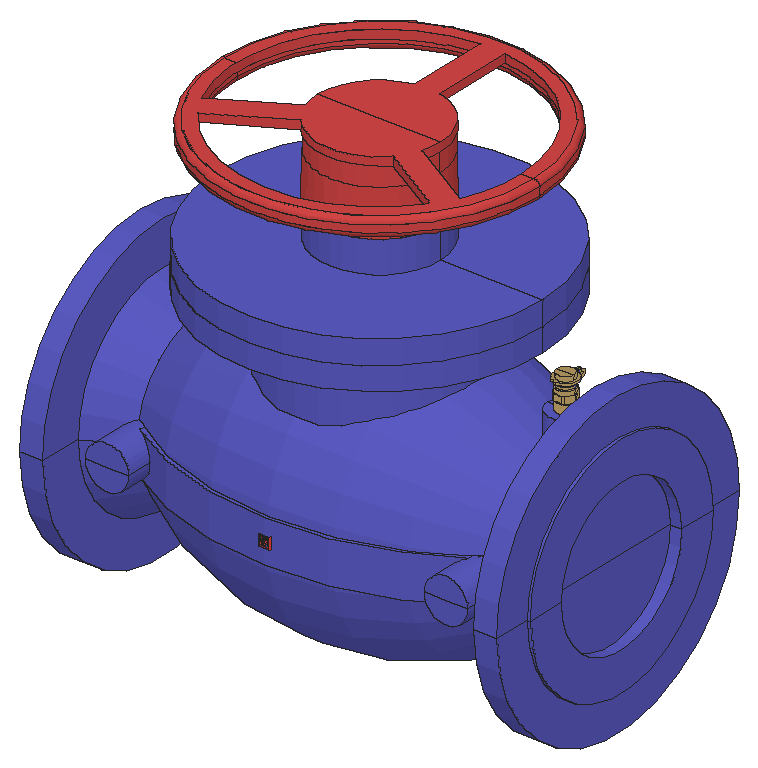
Revit family "HERZ Strömax Commissioning Valve With Test points, Straight Body 4218 GF", category Rohrzubehör, Revit 2020
Family settings
  Bemaßung runder Anschluss = Durchmesser verwenden
  Teiletyp = Unterbricht
  OmniClass-Nummer = 23.65.55.14
  OmniClass-Titel = Valves for Liquid Services
  Arbeitsebenenbasiert = Nein
  Immer vertikal = Ja
  Beim Laden mit Abzugskörper schneiden = Nein
  Gemeinsam genutzt = Nein
Parameters
  kvs-value [instance] = if(Nennweite = 50.00 mm, 34.96, if(Nennweite = 65.00 mm, 66.94, if(Nennweite = 80.00 mm, 106.78, if(Nennweite = 100.00 mm, 169.45, if(Nennweite = 125.00 mm, 255.79, if(Nennweite = 150.00 mm, 389.54, if(Nennweite = 200.00 mm, 676.33, if(Nennweite = 250.00 mm, 1082.72, if(Nennweite = 300.00 mm, 1784.91, 0)))))))))  # 255.79
  Vorgabe-Ansicht = 0.00 mm
  Counting device = "plastic"  # constant formula
  W02 = 60.00°  # constant formula
  W01 = 85.00°  # constant formula
  Valve cone = "gray cast iron GJL 250 according to EN 1561/ EPDM coated"  # constant formula
  S01 [instance] = Nennweite + 10.00 mm  # 135.00 mm
  Regulation spindle = "brass / stainless steel"  # constant formula
  Part number [instance] = size_lookup("4218_GF_", "Artnr", 0, Nennweite)  # 1421884
  Upper part = "gray cast iron GJL 250 according to EN 1561"  # constant formula
  Spindle (up to DN100) = "brass"  # constant formula
  O-Ring = "EPDM"  # constant formula
  URL = "www.herzvalves.com"
  SCRNSEQ = "ARM;ARM_TYP=\"STRV\";2"
  SCRNCODE = "05;07;02"  # constant formula
  R02 [instance] = size_lookup("4218_GF_", "R2", 1.00 mm, Nennweite)  # 15.00 mm
  R01 [instance] = size_lookup("4218_GF_", "R1", 1.00 mm, Nennweite)  # 18.00 mm
  Spindle (from DN125) = "stainless steel"  # constant formula
  Nennweite [instance] = 125.00 mm
  Model = "The STRÖMAX GF with test points DN 50 - 300:\r\nBody of grey cast iron GJL 250 according to EN 1561, flange according to EN 1092, PN 16;\r\nlength according to ÖNORM EN-558-1, basic series 1; painted blue.\r\nThermostatic upper part of grey cast iron GJL 250.\r\nDigital display of the pre-setting levels.\r\nNon-rising spindle with triple O-ring seal."
  Min. operating temperature = -10 °C  # constant formula
  Medium = "Water purity in accordance with the ÖNORM H 5195 and VDI 2035 standards.\r\nEthylene and propylene glycol can be used in a ratio of 25-50 vol. [%] are mixed."
  Max. operating temperature = 110 °C  # constant formula
  Max. operating pressure = 1600000.0 Pa  # constant formula
  L04 [instance] = size_lookup("4218_GF_", "L4", 1.00 mm, Nennweite)  # 154.00 mm
  L03 [instance] = if(Nennweite = 50.00 mm, 48.00 mm, if(Nennweite = 65.00 mm, 52.00 mm, if(Nennweite = 80.00 mm, 60.00 mm, if(Nennweite = 100.00 mm, 75.00 mm, 15.00 mm))))  # 15.00 mm
  L02 [instance] = size_lookup("4218_GF_", "L2", 1.00 mm, Nennweite)  # 140.00 mm
  L01 [instance] = size_lookup("4218_GF_", "L1", 1.00 mm, Nennweite)  # 145.00 mm
  L00 [instance] = size_lookup("4218_GF_", "L", 1.00 mm, Nennweite)  # 400.00 mm
  Hersteller = "HERZ Armaturen Ges.m.b.H."  # constant formula
  H09 [instance] = H08 + H02  # 200.00 mm
  H08 [instance] = size_lookup("4218_GF_", "H8", 1.00 mm, Nennweite)  # 46.00 mm
  H07 [instance] = H02 + H06  # 174.00 mm
  H06 [instance] = size_lookup("4218_GF_", "H6", 1.00 mm, Nennweite)  # 20.00 mm
  H05 [instance] = size_lookup("4218_GF_", "H5", 1.00 mm, Nennweite)  # 100.00 mm
  H04 [instance] = H02 - H03  # 135.00 mm
  H03 [instance] = size_lookup("4218_GF_", "H3", 1.00 mm, Nennweite)  # 19.00 mm
  H02 [instance] = size_lookup("4218_GF_", "H2", 1.00 mm, Nennweite)  # 154.00 mm
  H01 [instance] = size_lookup("4218_GF_", "H1", 1.00 mm, Nennweite)  # 106.00 mm
  GT = 10.00 mm  # constant formula
  Field of application = "For hydraulic balancing in heating or cooling systems, regulating and shutting off distribution circuits, heat exchangers, heating and cooling terminals."
  FLL02 [instance] = size_lookup("4218_GF_", "FLL2", 1.00 mm, Nennweite)  # 19.00 mm
  FLL01 [instance] = size_lookup("4218_GF_", "FLL1", 1.00 mm, Nennweite)  # 3.00 mm
  FLD03 [instance] = size_lookup("4218_GF_", "FLD3", 1.00 mm, Nennweite)  # 69.90 mm
  FLD02 [instance] = size_lookup("4218_GF_", "FLD2", 1.00 mm, Nennweite)  # 89.00 mm
  FLD01 [instance] = size_lookup("4218_GF_", "FLD1", 1.00 mm, Nennweite)  # 94.00 mm
  FLD00 [instance] = size_lookup("4218_GF_", "FLD", 1.00 mm, Nennweite)  # 125.00 mm
  Differential pressure measurement = "The Strömax GF double regulating and commissioning valve is equipped with two test points:\r\nIf a suitable measuring device is used, the differential pressure can be measured and the respective flow rate can be determined depending on the setting level.\r\nThe respective flow rate can also be read directly on the HERZ measuring computers (see device manual).\r\nWhen using antifreeze, the density of the medium changes, which must be taken into account when measuring differential pressure."
  DN80-DN100 [instance] = or(Nennweite = 80.00 mm, Nennweite = 100.00 mm)  # no
  DN80 [instance] = Nennweite = 80.00 mm  # no
  DN65 [instance] = Nennweite = 65.00 mm  # no
  DN50-DN65 [instance] = or(Nennweite = 50.00 mm, Nennweite = 65.00 mm)  # no
  DN50-DN100 [instance] = or(Nennweite = 50.00 mm, Nennweite = 65.00 mm, Nennweite = 80.00 mm, Nennweite = 100.00 mm)  # no
  DN50 [instance] = Nennweite = 50.00 mm  # no
  DN300 [instance] = Nennweite = 300.00 mm  # no
  DN250 [instance] = Nennweite = 250.00 mm  # no
  DN200-DN300 [instance] = or(Nennweite = 200.00 mm, Nennweite = 250.00 mm, Nennweite = 300.00 mm)  # no
  DN200 [instance] = Nennweite = 200.00 mm  # no
  DN150 [instance] = Nennweite = 150.00 mm  # no
  DN125-DN300 [instance] = or(Nennweite = 125.00 mm, Nennweite = 150.00 mm, Nennweite = 200.00 mm, Nennweite = 250.00 mm, Nennweite = 300.00 mm)  # yes
  DN125-DN150 [instance] = or(Nennweite = 125.00 mm, Nennweite = 150.00 mm)  # yes
  DN125 [instance] = Nennweite = 125.00 mm  # yes
  DN100 [instance] = Nennweite = 100.00 mm  # no
  D03 [instance] = size_lookup("4218_GF_", "D3", 1.00 mm, Nennweite)  # 50.50 mm
  D02 [instance] = size_lookup("4218_GF_", "D2", 1.00 mm, Nennweite)  # 135.00 mm
  D01 [instance] = size_lookup("4218_GF_", "D1", 1.00 mm, Nennweite)  # 86.00 mm
  D00 [instance] = size_lookup("4218_GF_", "D", 1.00 mm, Nennweite)  # 117.00 mm
  Body = "gray cast iron GJL 250 according to EN 1561"  # constant formula
  BH02 [instance] = -BH01  # -17.50 mm
  BH01 [instance] = size_lookup("4218_GF_", "BH1", 1.00 mm, Nennweite)  # 17.50 mm
  Anschluss [instance] = Nennweite / 2  # 62.50 mm
Reference planes
  plane 1 "Mitte (Vorne/hinten)": y = 0
  plane 2: z = 0
  plane 3 "Mitte (Links/rechts)": x = 0
Forms (mm)
  Revolve 1, solid, material "Herz-Marineblau", detail levels fine
    sketch origin (1058.943, 0, 0) x (1, 0, 0) y (0, 1, 0)
      loop
        line (-1255.943, 125) -> (-1255.943, 94) -> (-1258.943, 94) -> (-1258.943, 62.5) -> (-1248.943, 62.5) -> (-1248.943, 0) -> (-868.943, 0) -> (-868.943, 62.5) -> (-858.943, 62.5) -> (-858.943, 94) -> (-861.943, 94) -> (-861.943, 125) -> (-880.943, 125) -> (-880.943, 89) -> (-913.943, 69.9)
        arc (-913.943, 69.9) -> (-1058.943, 117) -> (-1203.943, 69.9) r 246.745
        line (-1203.943, 69.9) -> (-1236.943, 89) -> (-1236.943, 125) -> (-1255.943, 125)
      axis (-1258.943, 0) -> (-858.943, 0)
    angle from 0 to 360
  Revolve 2, solid, material "Herz-Marineblau", detail levels fine
    sketch origin (0, 0, 0) x (1, 0, 0) y (0, 1, 0)
      loop
        line (-140, 106) -> (-158, 106) -> (-158, -106) -> (-140, -106) -> (-140, 106)
      axis (-140, 106) -> (-140, -106)
    angle from 0 to 360
  Revolve 3, solid, material "Herz-Marineblau", detail levels fine
    sketch origin (0, 0, 0) x (-1, 0, 0) y (0, 1, 0)
      loop
        line (-140, 106) -> (-158, 106) -> (-158, -106) -> (-140, -106) -> (-140, 106)
      axis (-140, 106) -> (-140, -106)
    angle from 0 to 360
  Revolve 4, solid, material "Herz-Marineblau", visible <- "DN125-DN300", detail levels fine
    sketch origin (0, 0, 0) x (1, 0, 0) y (0, 0, 1)
      loop
        line (0, 0) -> (0, 154) -> (-135, 154) -> (-135, 135) -> (-86, 135) -> (-86, 0) -> (0, 0)
      axis (0, 154) -> (0, 0)
    angle from 0 to 360
  Revolve 5, solid, material "Herz-Marineblau", visible <- "DN50-DN100", detail levels fine
    sketch origin (0, 0, 0) x (1, 0, 0) y (0, 0, 1)
      loop
        line (0, 0) -> (0, 135) -> (-86, 135) -> (-86, 0) -> (0, 0)
      axis (0, 135) -> (0, 0)
    angle from 0 to 360
  Extrusion 6, solid, material "Herz-Marineblau", visible <- "DN50-DN100", detail levels fine
    sketch origin (0, 0, 0) x (1, 0, 0) y (0, 1, 0)
      loop
        line (0, 135) -> (-15, 133.688) -> (-133.688, 15) -> (-135, 0) -> (-133.688, -15) -> (-15, -133.688) -> (0, -135) -> (15, -133.688) -> (133.688, -15) -> (135, 0) -> (133.688, 15) -> (15, 133.688) -> (0, 135)
    from 135 <- "H04" to 154 <- "H02"
  Revolve 7, solid, material "Herz-Marineblau", detail levels fine
    sketch origin (0, 0, 0) x (1, 0, 0) y (0, 0, 1)
      loop
        line (-154, 0) -> (-154, 100) -> (-169, 100) -> (-169, 0) -> (-154, 0)
      axis (-154, 100) -> (-154, 0)
    angle from 0 to 360
  Revolve 8, solid, material "Herz-Marineblau", detail levels fine
    sketch origin (0, 0, 0) x (-1, 0, 0) y (0, 0, 1)
      loop
        line (-154, 0) -> (-154, 100) -> (-169, 100) -> (-169, 0) -> (-154, 0)
      axis (-154, 100) -> (-154, 0)
    angle from 0 to 360
  Extrusion 9, solid, material "Herz-Marineblau", visible <- "DN50", detail levels fine
    sketch origin (0, 0, 0) x (1, 0, 0) y (0, 1, 0)
      loop
        line (-75, 27.444) -> (-75, -27.444)
        arc (-75, -27.444) -> (0, -55) -> (75, -27.444) r 115.842
        line (75, -27.444) -> (75, 27.444)
        arc (75, 27.444) -> (0, 55) -> (-75, 27.444) r 115.842
    from -17.5 <- "BH02" to 17.5 <- "BH01"
  Extrusion 10, solid, material "Herz-Marineblau", visible <- "DN65", detail levels fine
    sketch origin (0, 0, 0) x (1, 0, 0) y (0, 1, 0)
      loop
        arc (-89, -45.667) -> (0, -68.022) -> (89, -45.667) r 188.34
        line (89, -45.667) -> (89, 45.667)
        arc (89, 45.667) -> (0, 68.022) -> (-89, 45.667) r 188.34
        line (-89, 45.667) -> (-89, -45.667)
    from -17.5 <- "BH02" to 17.5 <- "BH01"
  Extrusion 11, solid, material "Herz-Marineblau", visible <- "DN80", detail levels fine
    sketch origin (0, 0, 0) x (1, 0, 0) y (0, 1, 0)
      loop
        arc (-100, -48.604) -> (0, -75.01) -> (100, -48.604) r 202.557
        line (100, -48.604) -> (100, 48.604)
        arc (100, 48.604) -> (0, 75.01) -> (-100, 48.604) r 202.557
        line (-100, 48.604) -> (-100, -48.604)
    from -17.5 <- "BH02" to 17.5 <- "BH01"
  Extrusion 12, solid, material "Herz-Marineblau", visible <- "DN100", detail levels fine
    sketch origin (0, 0, 0) x (1, 0, 0) y (0, 1, 0)
      loop
        arc (-118, -60.889) -> (0, -83.721) -> (118, -60.889) r 316.34
        line (118, -60.889) -> (118, 60.889)
        arc (118, 60.889) -> (0, 83.721) -> (-118, 60.889) r 316.34
        line (-118, 60.889) -> (-118, -60.889)
    from -17.5 <- "BH02" to 17.5 <- "BH01"
  Extrusion 13, solid, material "Herz-Marineblau", visible <- "DN125", detail levels fine
    sketch origin (0, 0, 0) x (1, 0, 0) y (0, 1, 0)
      loop
        arc (-140, -75.261) -> (0, -118.541) -> (140, -75.261) r 248.073
        line (140, -75.261) -> (140, 75.261)
        arc (140, 75.261) -> (0, 118.541) -> (-140, 75.261) r 248.073
        line (-140, 75.261) -> (-140, -75.261)
    from -17.5 <- "BH02" to 17.5 <- "BH01"
  Extrusion 14, solid, material "Herz-Marineblau", visible <- "DN150", detail levels fine
    sketch origin (0, 0, 0) x (1, 0, 0) y (0, 1, 0)
      loop
        arc (-170, -94.727) -> (0, -138.5) -> (170, -94.727) r 352.003
        line (170, -94.727) -> (170, 94.727)
        arc (170, 94.727) -> (0, 138.5) -> (-170, 94.727) r 352.003
        line (-170, 94.727) -> (-170, -94.727)
    from -17.5 <- "BH02" to 17.5 <- "BH01"
  Extrusion 15, solid, material "Herz-Marineblau", visible <- "DN200", detail levels fine
    sketch origin (0, 0, 0) x (1, 0, 0) y (0, 1, 0)
      loop
        arc (-200, -127.319) -> (0, -163.032) -> (200, -127.319) r 577.879
        line (200, -127.319) -> (200, 127.319)
        arc (200, 127.319) -> (0, 163.032) -> (-200, 127.319) r 577.879
        line (-200, 127.319) -> (-200, -127.319)
    from -17.5 <- "BH02" to 17.5 <- "BH01"
  Extrusion 16, solid, material "Herz-Marineblau", visible <- "DN250", detail levels fine
    sketch origin (0, 0, 0) x (1, 0, 0) y (0, 1, 0)
      loop
        arc (-250, -153.89) -> (0, -191.531) -> (250, -153.89) r 849.033
        line (250, -153.89) -> (250, 153.89)
        arc (250, 153.89) -> (0, 191.531) -> (-250, 153.89) r 849.033
        line (-250, 153.89) -> (-250, -153.89)
    from -17.5 <- "BH02" to 17.5 <- "BH01"
  Extrusion 17, solid, material "Herz-Marineblau", visible <- "DN300", detail levels fine
    sketch origin (0, 0, 0) x (1, 0, 0) y (0, 1, 0)
      loop
        arc (-300, -192.377) -> (0, -268.099) -> (300, -192.377) r 632.133
        line (300, -192.377) -> (300, 192.377)
        arc (300, 192.377) -> (0, 268.099) -> (-300, 192.377) r 632.133
        line (-300, 192.377) -> (-300, -192.377)
    from -17.5 <- "BH02" to 17.5 <- "BH01"
  Extrusion 18, solid, material "Herz-Marineblau", visible <- "DN50-DN100", detail levels fine
    sketch origin (0, 0, 0) x (1, 0, 0) y (0, 1, 0)
      loop
        line (0, 135) -> (-15, 133.688) -> (-133.688, 15) -> (-135, 0) -> (-133.688, -15) -> (-15, -133.688) -> (0, -135) -> (15, -133.688) -> (133.688, -15) -> (135, 0) -> (133.688, 15) -> (15, 133.688) -> (0, 135)
    from 154 <- "H02" to 174 <- "H07"
  Revolve 19, solid, material "Herz-Marineblau", visible <- "DN125-DN300", detail levels fine
    sketch origin (0, 0, 0) x (1, 0, 0) y (0, 0, 1)
      loop
        line (0, 154) -> (0, 200) -> (-50.5, 200) -> (-50.5, 174) -> (-135, 174) -> (-135, 154) -> (0, 154)
      axis (0, 200) -> (0, 154)
    angle from 0 to 360
  Revolve 20, solid, material "Herz-Marineblau", visible <- "DN50-DN100", detail levels fine
    sketch origin (0, 0, 0) x (1, 0, 0) y (0, 0, 1)
      loop
        line (0, 174) -> (0, 200) -> (-50.5, 200) -> (-50.5, 174) -> (0, 174)
      axis (0, 200) -> (0, 174)
    angle from 0 to 360
Lines and regions (mm)
  model lines, detail levels coarse+medium
    curve 1: line (-200, 0, 125) -> (-200, 0, -125)
    curve 2: line (-200, 0, -125) -> (200, 0, 125)
    curve 3: line (200, 0, 125) -> (200, 0, -125)
    curve 4: line (200, 0, -125) -> (-200, 0, 125)
    curve 5: line (0, 0, 0) -> (115.47, 0, 200)
    curve 6: line (57.013, 0, 233.75) -> (173.927, 0, 166.25)
    curve 7: line (-200, 125, 0) -> (-200, -125, 0)
    curve 8: line (-200, -125, 0) -> (200, 125, 0)
    curve 9: line (200, 125, 0) -> (200, -125, 0)
    curve 10: line (200, -125, 0) -> (-200, 125, 0)
    curve 11: line (0, 0, 0) -> (115.47, 200, 0)
    curve 12: line (57.013, 233.75, 0) -> (173.927, 166.25, 0)
Dimensions and locks
  "FLD00": plane 1 "Mitte (Vorne/hinten)" to Revolve 1 sketch curve
  "FLD01": plane 1 "Mitte (Vorne/hinten)" to Revolve 1 sketch curve
  "FLD02": plane 1 "Mitte (Vorne/hinten)" to Revolve 1 sketch curve  (x2)
  "FLD03": plane 1 "Mitte (Vorne/hinten)" to Revolve 1 sketch curve  (x2)
  "GT": Revolve 1 sketch curve to Revolve 1 sketch curve  (x2)
  "FLL01": Revolve 1 sketch curve to Revolve 1 sketch curve  (x2)
  "FLL02": Revolve 1 sketch curve to Revolve 1 sketch curve  (x2)
  equal spacing: Revolve 1 sketch curve, plane 3 "Mitte (Links/rechts)", Revolve 1 sketch curve
  "Anschluss": Revolve 1 sketch curve to plane 1 "Mitte (Vorne/hinten)"
  "Anschluss": plane 1 "Mitte (Vorne/hinten)" to Revolve 1 sketch curve
  "FLD01": Revolve 1 sketch curve to plane 1 "Mitte (Vorne/hinten)"
  "FLD00": Revolve 1 sketch curve to plane 1 "Mitte (Vorne/hinten)"
  "L00": Revolve 1 sketch curve to Revolve 1 sketch curve
  "D00": plane 1 "Mitte (Vorne/hinten)" to Revolve 1 sketch curve
  "L01": Revolve 1 sketch curve to plane 3 "Mitte (Links/rechts)" to Revolve 1 sketch curve
  "L02": Revolve 2 sketch curve to plane 3 "Mitte (Links/rechts)"
  "R01": Revolve 2 sketch curve to Revolve 2 sketch curve
  "H01": Revolve 2 sketch curve to plane 1 "Mitte (Vorne/hinten)" to Revolve 2 sketch curve
  "L02": plane 3 "Mitte (Links/rechts)" to Revolve 3 sketch curve
  "R01": Revolve 3 sketch curve to Revolve 3 sketch curve
  "H01": Revolve 3 sketch curve to plane 1 "Mitte (Vorne/hinten)" to Revolve 3 sketch curve
  "H02": Revolve 4 sketch curve to plane 2
  "D01": Revolve 4 sketch curve to Revolve 4 sketch curve
  "D02": Revolve 4 sketch curve to Revolve 4 sketch curve
  "H03": Revolve 4 sketch curve to Revolve 4 sketch curve
  "H04": Revolve 5 sketch curve to plane 2
  "D01": Revolve 5 sketch curve to Revolve 5 sketch curve
  "D02": Extrusion 6 sketch curve to plane 3 "Mitte (Links/rechts)" to Extrusion 6 sketch curve
  "D02": Extrusion 6 sketch curve to plane 1 "Mitte (Vorne/hinten)" to Extrusion 6 sketch curve
  "L03": Extrusion 6 sketch curve to plane 3 "Mitte (Links/rechts)"  (x2)
  "L03": plane 3 "Mitte (Links/rechts)" to Extrusion 6 sketch curve  (x2)
  "L03": plane 1 "Mitte (Vorne/hinten)" to Extrusion 6 sketch curve  (x2)
  "L03": Extrusion 6 sketch curve to plane 1 "Mitte (Vorne/hinten)"  (x2)
  "L04": plane 3 "Mitte (Links/rechts)" to Revolve 7 sketch curve
  "R02": Revolve 7 sketch curve to Revolve 7 sketch curve
  "H05": Revolve 7 sketch curve to plane 2
  "R02": Revolve 8 sketch curve to Revolve 8 sketch curve
  "L04": Revolve 8 sketch curve to plane 3 "Mitte (Links/rechts)"
  "H05": Revolve 8 sketch curve to plane 2
  "L04": plane 3 "Mitte (Links/rechts)" to nested 1
  "L04": nested 2 to plane 3 "Mitte (Links/rechts)"
  "H05": nested 1 to plane 2
  "H05": nested 2 to plane 2
  "L03": Extrusion 18 sketch curve to plane 3 "Mitte (Links/rechts)"  (x2)
  "L03": plane 3 "Mitte (Links/rechts)" to Extrusion 18 sketch curve  (x2)
  "L03": plane 1 "Mitte (Vorne/hinten)" to Extrusion 18 sketch curve  (x2)
  "L03": Extrusion 18 sketch curve to plane 1 "Mitte (Vorne/hinten)"  (x2)
  "D02": Extrusion 18 sketch curve to plane 3 "Mitte (Links/rechts)" to Extrusion 18 sketch curve
  "D02": Extrusion 18 sketch curve to plane 1 "Mitte (Vorne/hinten)" to Extrusion 18 sketch curve
  "H02": Revolve 19 sketch curve to plane 2
  "H06": Revolve 19 sketch curve to Revolve 19 sketch curve
  "H08": Revolve 19 sketch curve to Revolve 19 sketch curve
  "D03": Revolve 19 sketch curve to Revolve 19 sketch curve
  "D02": Revolve 19 sketch curve to Revolve 19 sketch curve
  "D03": Revolve 20 sketch curve to Revolve 20 sketch curve
  "H07": Revolve 20 sketch curve to plane 2
  "H08": Revolve 20 sketch curve to Extrusion 18
  "H09": nested 12 to plane 2
  "H09": nested 13 to plane 2
  "H09": nested 14 to plane 2
  "H09": nested 15 to plane 2
  "FLD00": curve 4 to plane 2 to curve 2
  "FLD00": curve 3 to plane 2 to curve 4
  equal spacing: curve 1, plane 3 "Mitte (Links/rechts)", curve 3
  "L00": curve 1 to curve 3
  "H09": curve 5 to plane 2
  equal spacing: curve 1, curve 5, curve 3
  equal spacing: curve 6, curve 5, curve 6
  "S01": curve 6 to curve 6
  "FLD00": curve 8 to plane 1 "Mitte (Vorne/hinten)" to curve 10
  "FLD00": curve 10 to plane 1 "Mitte (Vorne/hinten)" to curve 9
  equal spacing: curve 7, plane 3 "Mitte (Links/rechts)", curve 9
  "L00": curve 7 to curve 9
  equal spacing: curve 7, curve 11, curve 9
  "H09": plane 1 "Mitte (Vorne/hinten)" to curve 11
  equal spacing: curve 12, curve 11, curve 12
  "S01": curve 12 to curve 12
  "W01": angle Extrusion 6 sketch curve to plane 3 "Mitte (Links/rechts)"  (x2)
  "W01": angle plane 3 "Mitte (Links/rechts)" to Extrusion 6 sketch curve  (x2)
  "W01": angle Extrusion 6 sketch curve to plane 1 "Mitte (Vorne/hinten)"  (x2)
  "W01": angle plane 1 "Mitte (Vorne/hinten)" to Extrusion 6 sketch curve  (x2)
  "W01": angle plane 1 "Mitte (Vorne/hinten)" to Extrusion 18 sketch curve  (x2)
  "W01": angle Extrusion 18 sketch curve to plane 1 "Mitte (Vorne/hinten)"  (x2)
  "W01": angle Extrusion 18 sketch curve to plane 3 "Mitte (Links/rechts)"  (x2)
  "W01": angle plane 3 "Mitte (Links/rechts)" to Extrusion 18 sketch curve  (x2)
  "W02": angle plane 2 to curve 5
  "W02": angle plane 1 "Mitte (Vorne/hinten)" to curve 11
  aligned and locked: level to plane 2
Automatic sketch dimensions
  Extrusion 9 sketch curve to plane 3 "Mitte (Links/rechts)" = 0.00 mm  (x2)
  Extrusion 9 sketch curve to plane 1 "Mitte (Vorne/hinten)" = 27.444 mm  (x2)
  Extrusion 9 sketch curve to plane 3 "Mitte (Links/rechts)" = 75.00 mm
  plane 1 "Mitte (Vorne/hinten)" to Extrusion 9 sketch curve = 60.843 mm
  Extrusion 9 sketch curve to plane 1 "Mitte (Vorne/hinten)" = 60.843 mm
  plane 1 "Mitte (Vorne/hinten)" to Extrusion 9 sketch curve = 27.444 mm
  Extrusion 10 sketch curve to plane 3 "Mitte (Links/rechts)" = 0.00 mm  (x2)
  plane 1 "Mitte (Vorne/hinten)" to Extrusion 10 sketch curve = 45.667 mm
  Extrusion 10 sketch curve to plane 3 "Mitte (Links/rechts)" = 89.00 mm
  Extrusion 10 sketch curve to Extrusion 10 sketch curve = 74.651 mm
  Extrusion 10 sketch curve to plane 1 "Mitte (Vorne/hinten)" = 120.318 mm
  Extrusion 10 sketch curve to plane 1 "Mitte (Vorne/hinten)" = 45.667 mm  (x2)
  Extrusion 11 sketch curve to plane 3 "Mitte (Links/rechts)" = 0.00 mm  (x2)
  plane 1 "Mitte (Vorne/hinten)" to Extrusion 11 sketch curve = 48.604 mm  (x2)
  Extrusion 11 sketch curve to plane 3 "Mitte (Links/rechts)" = 100.00 mm
  Extrusion 11 sketch curve to Extrusion 11 sketch curve = 78.943 mm
  Extrusion 11 sketch curve to plane 1 "Mitte (Vorne/hinten)" = 127.547 mm
  Extrusion 11 sketch curve to plane 1 "Mitte (Vorne/hinten)" = 48.604 mm
  Extrusion 12 sketch curve to plane 3 "Mitte (Links/rechts)" = 0.00 mm  (x2)
  Extrusion 12 sketch curve to plane 1 "Mitte (Vorne/hinten)" = 60.889 mm  (x2)
  Extrusion 12 sketch curve to plane 3 "Mitte (Links/rechts)" = 118.00 mm
  plane 1 "Mitte (Vorne/hinten)" to Extrusion 12 sketch curve = 232.619 mm
  Extrusion 12 sketch curve to Extrusion 12 sketch curve = 171.731 mm
  plane 1 "Mitte (Vorne/hinten)" to Extrusion 12 sketch curve = 60.889 mm
  Extrusion 13 sketch curve to plane 3 "Mitte (Links/rechts)" = 0.00 mm  (x2)
  Extrusion 13 sketch curve to plane 1 "Mitte (Vorne/hinten)" = 75.261 mm  (x2)
  Extrusion 13 sketch curve to plane 3 "Mitte (Links/rechts)" = 140.00 mm
  plane 1 "Mitte (Vorne/hinten)" to Extrusion 13 sketch curve = 129.532 mm
  Extrusion 13 sketch curve to plane 1 "Mitte (Vorne/hinten)" = 129.532 mm
  plane 1 "Mitte (Vorne/hinten)" to Extrusion 13 sketch curve = 75.261 mm
  Extrusion 14 sketch curve to plane 3 "Mitte (Links/rechts)" = 0.00 mm  (x2)
  plane 1 "Mitte (Vorne/hinten)" to Extrusion 14 sketch curve = 94.727 mm  (x2)
  Extrusion 14 sketch curve to plane 3 "Mitte (Links/rechts)" = 170.00 mm
  Extrusion 14 sketch curve to Extrusion 14 sketch curve = 118.776 mm
  Extrusion 14 sketch curve to plane 1 "Mitte (Vorne/hinten)" = 213.503 mm
  Extrusion 14 sketch curve to plane 1 "Mitte (Vorne/hinten)" = 94.727 mm
  Extrusion 15 sketch curve to plane 3 "Mitte (Links/rechts)" = 0.00 mm  (x2)
  Extrusion 15 sketch curve to plane 1 "Mitte (Vorne/hinten)" = 127.319 mm  (x2)
  Extrusion 15 sketch curve to plane 3 "Mitte (Links/rechts)" = 200.00 mm
  plane 1 "Mitte (Vorne/hinten)" to Extrusion 15 sketch curve = 414.847 mm
  Extrusion 15 sketch curve to Extrusion 15 sketch curve = 287.528 mm
  plane 1 "Mitte (Vorne/hinten)" to Extrusion 15 sketch curve = 127.319 mm
  Extrusion 16 sketch curve to plane 3 "Mitte (Links/rechts)" = 0.00 mm  (x2)
  Extrusion 16 sketch curve to plane 1 "Mitte (Vorne/hinten)" = 153.89 mm  (x2)
  Extrusion 16 sketch curve to plane 3 "Mitte (Links/rechts)" = 250.00 mm
  plane 1 "Mitte (Vorne/hinten)" to Extrusion 16 sketch curve = 657.503 mm
  Extrusion 16 sketch curve to Extrusion 16 sketch curve = 503.613 mm
  plane 1 "Mitte (Vorne/hinten)" to Extrusion 16 sketch curve = 153.89 mm
  Extrusion 17 sketch curve to plane 3 "Mitte (Links/rechts)" = 0.00 mm  (x2)
  Extrusion 17 sketch curve to plane 1 "Mitte (Vorne/hinten)" = 192.377 mm  (x2)
  Extrusion 17 sketch curve to plane 3 "Mitte (Links/rechts)" = 300.00 mm
  plane 1 "Mitte (Vorne/hinten)" to Extrusion 17 sketch curve = 364.034 mm
  Extrusion 17 sketch curve to Extrusion 17 sketch curve = 171.657 mm
  plane 1 "Mitte (Vorne/hinten)" to Extrusion 17 sketch curve = 192.377 mm
  plane 1 "Mitte (Vorne/hinten)" to Revolve 1 sketch curve = 0.00 mm  (x2)
  Revolve 1 sketch curve to Revolve 1 sketch curve = 35.00 mm
  Revolve 1 sketch curve to Revolve 1 sketch curve = 40.00 mm
  Revolve 2 sketch curve to Revolve 2 sketch curve = 0.00 mm  (x3)
  Revolve 3 sketch curve to Revolve 3 sketch curve = 0.00 mm  (x3)
  Revolve 4 sketch curve to level = 0.00 mm
  Revolve 4 sketch curve to plane 3 "Mitte (Links/rechts)" = 0.00 mm  (x2)
  Revolve 4 sketch curve to Revolve 4 sketch curve = 366.045 mm
  Revolve 4 sketch curve to Revolve 4 sketch curve = 2169.315 mm
  Revolve 5 sketch curve to level = 0.00 mm
  Revolve 5 sketch curve to plane 3 "Mitte (Links/rechts)" = 0.00 mm  (x2)
  Revolve 5 sketch curve to Revolve 5 sketch curve = 366.045 mm
  Revolve 5 sketch curve to Revolve 5 sketch curve = 2147.315 mm
  Extrusion 6 sketch curve to plane 3 "Mitte (Links/rechts)" = 0.00 mm  (x2)
  plane 1 "Mitte (Vorne/hinten)" to Extrusion 6 sketch curve = 0.00 mm  (x2)
  Revolve 7 sketch curve to level = 0.00 mm  (x2)
  Revolve 7 sketch curve to Revolve 7 sketch curve = 0.00 mm  (x2)
  Revolve 8 sketch curve to level = 0.00 mm  (x2)
  Revolve 8 sketch curve to Revolve 8 sketch curve = 0.00 mm  (x2)
  Extrusion 18 sketch curve to plane 3 "Mitte (Links/rechts)" = 0.00 mm  (x2)
  plane 1 "Mitte (Vorne/hinten)" to Extrusion 18 sketch curve = 0.00 mm  (x2)
  Revolve 19 sketch curve to plane 3 "Mitte (Links/rechts)" = 0.00 mm  (x2)
  Revolve 19 sketch curve to level = 366.045 mm
  Revolve 19 sketch curve to Revolve 19 sketch curve = 2105.315 mm
  Revolve 20 sketch curve to plane 3 "Mitte (Links/rechts)" = 0.00 mm  (x2)
  Revolve 20 sketch curve to level = 366.045 mm
  Revolve 20 sketch curve to Revolve 20 sketch curve = 2105.315 mm
Nested families
  nested 1: "Messstutzen_Band_Eintritt_senkrecht_(oben)" at (-154, 0, 91), type "Messstutzen_Band_Eintritt_senkrecht_(oben)", detail levels fine
    with Schutzkappe yes, Nennweite 0.00 mm, Gewicht 0.00 kg, Bestellnummer 0
  nested 2: "Messstutzen_Band_Austritt_senkrecht_(oben)" at (154, 0, 91), type "Messstutzen_Band_Austritt_senkrecht_(oben)", detail levels fine
    with Schutzkappe yes, Nennweite 0.00 mm, Gewicht 0.00 kg, Bestellnummer 0
  nested 3: "Herz-Logo-vorne" at (0, -55, 0) x (0, 1, 0) z (0, 0, 1), visible <- "DN50", type "Herz-Logo-vorne", detail levels fine
  nested 4: "Herz-Logo-vorne" at (0, -68.004, 0) x (0, 1, 0) z (0, 0, 1), visible <- "DN65", type "Herz-Logo-vorne", detail levels fine
  nested 5: "Herz-Logo-vorne" at (0, -74.992, 0) x (0, 1, 0) z (0, 0, 1), visible <- "DN80", type "Herz-Logo-vorne", detail levels fine
  nested 6: "Herz-Logo-vorne" at (0, -83.721, 0) x (0, 1, 0) z (0, 0, 1), visible <- "DN100", type "Herz-Logo-vorne", detail levels fine
  nested 7: "Herz-Logo-vorne" at (0, -118.541, 0) x (0, 1, 0) z (0, 0, 1), visible <- "DN125", type "Herz-Logo-vorne", detail levels fine
  nested 8: "Herz-Logo-vorne" at (0, -138.5, 0) x (0, 1, 0) z (0, 0, 1), visible <- "DN150", type "Herz-Logo-vorne", detail levels fine
  nested 9: "Herz-Logo-vorne" at (0, -163.032, 0) x (0, 1, 0) z (0, 0, 1), visible <- "DN200", type "Herz-Logo-vorne", detail levels fine
  nested 10: "Herz-Logo-vorne" at (0, -191.513, 0) x (0, 1, 0) z (0, 0, 1), visible <- "DN250", type "Herz-Logo-vorne", detail levels fine
  nested 11: "Herz-Logo-vorne" at (0, -268.082, 0) x (0, 1, 0) z (0, 0, 1), visible <- "DN300", type "Herz-Logo-vorne", detail levels fine
  nested 12: "Strangregulierventil-Handrad_VOLL-Gerade (Rot) DN50-DN65" at (0, 0, 200), visible <- "DN50-DN65", type "Strangregulierventil-Handrad_VOLL-Gerade (Rot) DN50-DN65", detail levels fine
  nested 13: "Strangregulierventil-Handrad_VOLL-Gerade (Rot) DN80-DN100" at (0, 0, 200), visible <- "DN80-DN100", type "Strangregulierventil-Handrad_VOLL-Gerade (Rot) DN80-DN100", detail levels fine
  nested 14: "Strangregulierventil-Handrad_VOLL-Gerade (Rot) DN125-DN150" at (0, 0, 200), visible <- "DN125-DN150", type "Strangregulierventil-Handrad_VOLL-Gerade (Rot) DN125-DN150", detail levels fine
  nested 15: "Strangregulierventil-Handrad_VOLL-Gerade (Rot) DN200-DN300" at (0, 0, 200), visible <- "DN200-DN300", type "Strangregulierventil-Handrad_VOLL-Gerade (Rot) DN200-DN300", detail levels fine
    with DN300 yes
Connectors
  piping at (-200, 0, 0), diameter 125, driven by "Nennweite"
    settings: on Revolve 1, index 1, connector inside diameter 609.6 mm, connector length 0.00 mm, flow factor 0, pipe flow 0.0 L/s, pressure drop 0.0 Pa, fitting loss kfactor 0, connector angle 0.00°, fixture units 0, engagement length 0.00 mm, angle of deflection 0.00°, flow configuration 0, flow direction 1, fitting loss method 0, system type 29, joint type 0, gender type 0, connector reference index -1, connector utility 0, adjustable connector no, is connector primary yes, connector description ""
  piping at (200, 0, 0), diameter 125, driven by "Nennweite"
    settings: on Revolve 1, index 2, connector inside diameter 609.6 mm, connector length 0.00 mm, flow factor 0, pipe flow 0.0 L/s, pressure drop 0.0 Pa, fitting loss kfactor 0, connector angle 0.00°, fixture units 0, engagement length 0.00 mm, angle of deflection 0.00°, flow configuration 0, flow direction 2, fitting loss method 0, system type 29, joint type 0, gender type 0, connector reference index -1, connector utility 0, adjustable connector no, is connector primary no, connector description ""
Definition of nested family "Messstutzen_Band_Eintritt_senkrecht_(oben)"
  Parameters (values of type "Messstutzen_Band_Eintritt_senkrecht_(oben)")
    Default Elevation = 0.00 mm
    URL = "www.herz-armaturen.at"
    Schutzkappe [instance] = yes
    Nennweite [instance] = 0.00 mm
    Manufacturer = "Herz Armaturen GmbH"  # constant formula
    Gewicht [instance] = 0.00 kg
    Bestellnummer [instance] = 0
  Reference planes
    plane 1 "Mitte (Vorne/hinten)": y = 0
    plane 2: z = 0
    plane 3 "Mitte (Links/rechts)": x = 0
    plane 4 "Schlaufe 1": z = -27
    plane 5 "Schlaufe 2": z = -31.678
  Forms (mm)
    Revolve 1, solid, detail levels fine
      sketch origin (0, 0, 0) x (1, 0, 0) y (0, 0, 1)
        loop
          line (-7.4, 9) -> (-5.55, 9) -> (-5.55, 6)
          arc (-5.55, 6) -> (-5.626, 5.617) -> (-5.843, 5.293) r 1
          line (-5.843, 5.293) -> (-6.455, 4.681) -> (-6.455, 0.9) -> (-5.555, 0) -> (-2, 0) -> (-2, 17.5) -> (-8.4, 17.5)
          arc (-8.4, 17.5) -> (-7.693, 17.207) -> (-7.4, 16.5) r 1
          line (-7.4, 16.5) -> (-7.4, 9)
        loop
          line (-3.7, 27) -> (-7.3, 27) -> (-7.9, 26.4) -> (-7.9, 23) -> (-2, 23) -> (-2, 35.8) -> (-3.805, 35.8) -> (-4.415, 35.19) -> (-4.415, 30.863) -> (-3.7, 30.45) -> (-3.7, 27)
        axis (0, 0) -> (0, 35.8)
      angle from 0 to 360
    Extrusion 2, solid, detail levels fine
      sketch origin (0, 0, 17.5) x (0, 1, 0) y (-1, 0, 0)
        loop
          arc (-7.07, 5.156) -> (-7.578, 4.375) -> (-8, 3.544) r 8.75
          line (-8, 3.544) -> (-8, -3.544)
          arc (-8, -3.544) -> (-7.578, -4.375) -> (-7.07, -5.156) r 8.75
          line (-7.07, -5.156) -> (-0.93, -8.7)
          arc (-0.93, -8.7) -> (0, -8.75) -> (0.93, -8.7) r 8.75
          line (0.93, -8.7) -> (7.07, -5.156)
          arc (7.07, -5.156) -> (7.578, -4.375) -> (8, -3.544) r 8.75
          line (8, -3.544) -> (8, 3.544)
          arc (8, 3.544) -> (7.578, 4.375) -> (7.07, 5.156) r 8.75
          line (7.07, 5.156) -> (0.93, 8.7)
          arc (0.93, 8.7) -> (0, 8.75) -> (-0.93, 8.7) r 8.75
          line (-0.93, 8.7) -> (-7.07, 5.156)
      from 0 to 5.5
    Revolve 3, solid, visible <- "Schutzkappe", detail levels fine
      sketch origin (0, 0, 0) x (1, 0, 0) y (0, 0, 1)
        loop
          line (0, 35.878) -> (0, 36.678) -> (-7, 36.678) -> (-7, 33.378) -> (-6.1, 33.378) -> (-6.1, 31.678) -> (-6.9, 31.678) -> (-6.9, 30.178) -> (-4.415, 30.178) -> (-4.415, 35.268) -> (-3.805, 35.878) -> (0, 35.878)
        axis (0, 30.178) -> (0, 36.678)
      angle from 0 to 360
    Extrusion 4, solid, detail levels fine
      sketch origin (0, 0, 28.5) x (1, 0, 0) y (0, 1, 0)
        loop
          circle (0, 0) r 3.7
        loop
          arc (-3.906, 5.505) -> (0, -6.75) -> (3.906, 5.505) r 6.75
          arc (3.906, 5.505) -> (2.358, 7.288) -> (1.8, 9.582) r 5
          line (1.8, 9.582) -> (-1.8, 9.582)
          arc (-1.8, 9.582) -> (-2.358, 7.288) -> (-3.906, 5.505) r 5
      from 0 to -1.5
    Extrusion 5, solid, detail levels fine
      sketch origin (0, 0, 33.178) x (1, 0, 0) y (0, 1, 0)
        loop
          circle (0, 0) r 6.1
        loop
          arc (-4.495, 8.652) -> (0, -9.75) -> (4.495, 8.652) r 9.75
          arc (4.495, 8.652) -> (2.527, 10.493) -> (1.8, 13.089) r 5
          line (1.8, 13.089) -> (-1.8, 13.089)
          arc (-1.8, 13.089) -> (-2.527, 10.493) -> (-4.495, 8.652) r 5
      from 0 to -1.5
    Sweep 6, solid, detail levels fine
      path origin (0, 0, 0) x (0, 0, -1) y (0, -1, 0)
        loop
          line (-27.75, -9.582) -> (-27.75, -14.522)
          arc (-27.75, -14.522) -> (-30.089, -16.862) -> (-32.428, -14.522) r 2.339
          line (-32.428, -14.522) -> (-32.428, -13.089)
      profile origin (0, 12.052, 27.75) x (0, 0, 1) y (1, 0, 0)
        loop
          line (-0.75, -1.8) -> (0.75, -1.8) -> (0.75, 1.8) -> (-0.75, 1.8) -> (-0.75, -1.8)
  Dimensions and locks
    aligned and locked: level to plane 2
Definition of nested family "Messstutzen_Band_Austritt_senkrecht_(oben)"
  Parameters (values of type "Messstutzen_Band_Austritt_senkrecht_(oben)")
    Default Elevation = 0.00 mm
    URL = "www.herz-armaturen.at"
    Schutzkappe [instance] = yes
    Nennweite [instance] = 0.00 mm
    Manufacturer = "Herz Armaturen GmbH"  # constant formula
    Gewicht [instance] = 0.00 kg
    Bestellnummer [instance] = 0
  Reference planes
    plane 1 "Mitte (Vorne/hinten)": y = 0
    plane 2: z = 0
    plane 3 "Mitte (Links/rechts)": x = 0
    plane 4 "Schlaufe 1": z = -27
    plane 5 "Schlaufe 2": z = -31.678
  Forms (mm)
    Revolve 1, solid, detail levels fine
      sketch origin (0, 0, 0) x (1, 0, 0) y (0, 0, 1)
        loop
          line (-7.4, 9) -> (-5.55, 9) -> (-5.55, 6)
          arc (-5.55, 6) -> (-5.626, 5.617) -> (-5.843, 5.293) r 1
          line (-5.843, 5.293) -> (-6.455, 4.681) -> (-6.455, 0.9) -> (-5.555, 0) -> (-2, 0) -> (-2, 17.5) -> (-8.4, 17.5)
          arc (-8.4, 17.5) -> (-7.693, 17.207) -> (-7.4, 16.5) r 1
          line (-7.4, 16.5) -> (-7.4, 9)
        loop
          line (-3.7, 27) -> (-7.3, 27) -> (-7.9, 26.4) -> (-7.9, 23) -> (-2, 23) -> (-2, 35.8) -> (-3.805, 35.8) -> (-4.415, 35.19) -> (-4.415, 30.863) -> (-3.7, 30.45) -> (-3.7, 27)
        axis (0, 0) -> (0, 35.8)
      angle from 0 to 360
    Extrusion 2, solid, detail levels fine
      sketch origin (0, 0, 17.5) x (0, 1, 0) y (-1, 0, 0)
        loop
          arc (-7.07, 5.156) -> (-7.578, 4.375) -> (-8, 3.544) r 8.75
          line (-8, 3.544) -> (-8, -3.544)
          arc (-8, -3.544) -> (-7.578, -4.375) -> (-7.07, -5.156) r 8.75
          line (-7.07, -5.156) -> (-0.93, -8.7)
          arc (-0.93, -8.7) -> (0, -8.75) -> (0.93, -8.7) r 8.75
          line (0.93, -8.7) -> (7.07, -5.156)
          arc (7.07, -5.156) -> (7.578, -4.375) -> (8, -3.544) r 8.75
          line (8, -3.544) -> (8, 3.544)
          arc (8, 3.544) -> (7.578, 4.375) -> (7.07, 5.156) r 8.75
          line (7.07, 5.156) -> (0.93, 8.7)
          arc (0.93, 8.7) -> (0, 8.75) -> (-0.93, 8.7) r 8.75
          line (-0.93, 8.7) -> (-7.07, 5.156)
      from 0 to 5.5
    Revolve 3, solid, visible <- "Schutzkappe", detail levels fine
      sketch origin (0, 0, 0) x (1, 0, 0) y (0, 0, 1)
        loop
          line (0, 35.878) -> (0, 36.678) -> (-7, 36.678) -> (-7, 33.378) -> (-6.1, 33.378) -> (-6.1, 31.678) -> (-6.9, 31.678) -> (-6.9, 30.178) -> (-4.415, 30.178) -> (-4.415, 35.268) -> (-3.805, 35.878) -> (0, 35.878)
        axis (0, 30.178) -> (0, 36.678)
      angle from 0 to 360
    Extrusion 4, solid, detail levels fine
      sketch origin (0, 0, 28.5) x (1, 0, 0) y (0, 1, 0)
        loop
          circle (0, 0) r 3.7
        loop
          arc (-3.906, 5.505) -> (0, -6.75) -> (3.906, 5.505) r 6.75
          arc (3.906, 5.505) -> (2.358, 7.288) -> (1.8, 9.582) r 5
          line (1.8, 9.582) -> (-1.8, 9.582)
          arc (-1.8, 9.582) -> (-2.358, 7.288) -> (-3.906, 5.505) r 5
      from 0 to -1.5
    Extrusion 5, solid, detail levels fine
      sketch origin (0, 0, 33.178) x (1, 0, 0) y (0, 1, 0)
        loop
          circle (0, 0) r 6.1
        loop
          arc (-4.495, 8.652) -> (0, -9.75) -> (4.495, 8.652) r 9.75
          arc (4.495, 8.652) -> (2.527, 10.493) -> (1.8, 13.089) r 5
          line (1.8, 13.089) -> (-1.8, 13.089)
          arc (-1.8, 13.089) -> (-2.527, 10.493) -> (-4.495, 8.652) r 5
      from 0 to -1.5
    Sweep 6, solid, detail levels fine
      path origin (0, 0, 0) x (0, 0, -1) y (0, -1, 0)
        loop
          line (-27.75, -9.582) -> (-27.75, -14.522)
          arc (-27.75, -14.522) -> (-30.089, -16.862) -> (-32.428, -14.522) r 2.339
          line (-32.428, -14.522) -> (-32.428, -13.089)
      profile origin (0, 12.052, 27.75) x (0, 0, 1) y (1, 0, 0)
        loop
          line (-0.75, -1.8) -> (0.75, -1.8) -> (0.75, 1.8) -> (-0.75, 1.8) -> (-0.75, -1.8)
  Dimensions and locks
    aligned and locked: level to plane 2
Definition of nested family "Herz-Logo-vorne"
  Parameters (values of type "Herz-Logo-vorne")
    Default Elevation = 0.00 mm
  Reference planes
    plane 1 "Mitte (Vorne/hinten)": y = 0
    plane 2: z = 0
    plane 3 "Mitte (Links/rechts)": x = 0
  Forms (mm)
    Extrusion 1, solid
      sketch origin (0.732, -0.018, 0.017) x (0, -1, 0) y (0, 0, 1)
        loop
          line (-0.018, -4.517) -> (4.482, -4.517) -> (4.482, 4.483) -> (-4.518, 4.483) -> (-4.518, -4.517) -> (-0.018, -4.517)
        loop
          line (-0.05, -3.48) -> (3.482, -3.48) -> (3.482, 3.483) -> (-3.518, 3.483) -> (-3.518, -3.48) -> (-0.05, -3.48)
        loop
          arc (-0.018, 2.383) -> (-1.543, 3.287) -> (-3.067, 2.383) r 1.738
          arc (-3.067, 2.383) -> (-3.191, 1.899) -> (-3.067, 1.415) r 1.009
          line (-3.067, 1.415) -> (-0.018, -3.281) -> (3.032, 1.415)
          arc (3.032, 1.415) -> (3.156, 1.899) -> (3.032, 2.383) r 1.009
          arc (3.032, 2.383) -> (1.507, 3.287) -> (-0.018, 2.383) r 1.738
        loop
          arc (1.885, 1.272) -> (2.005, 1.675) -> (1.885, 2.079) r 0.74
          arc (1.885, 2.079) -> (1.265, 2.416) -> (0.644, 2.079) r 0.74
          line (0.644, 2.079) -> (-0.018, 0.97) -> (-0.679, 2.079)
          arc (-0.679, 2.079) -> (-1.3, 2.416) -> (-1.921, 2.079) r 0.74
          arc (-1.921, 2.079) -> (-2.04, 1.675) -> (-1.921, 1.272) r 0.74
          line (-1.921, 1.272) -> (-0.018, -1.658) -> (1.885, 1.272)
      from 0 to 1.5
  Dimensions and locks
    aligned and locked: level to plane 2
Definition of nested family "Strangregulierventil-Handrad_VOLL-Gerade (Rot) DN50-DN65"
  Parameters (values of type "Strangregulierventil-Handrad_VOLL-Gerade (Rot) DN50-DN65")
    Default Elevation = 0.00 mm
  Reference planes
    plane 1 "Mitte (Vorne/hinten)": y = 0
    plane 2: z = 0
    plane 3 "Mitte (Links/rechts)": x = 0
  Forms (mm)
    Revolve 1, solid, detail levels fine
      sketch origin (0, 0, 0) x (1, 0, 0) y (0, 0, 1)
        loop
          line (0, 0) -> (0, 58.3) -> (-70.5, 58.3)
          arc (-70.5, 58.3) -> (-73.682, 56.982) -> (-75, 53.8) r 4.5
          line (-75, 53.8) -> (-75, 48.8)
          arc (-75, 48.8) -> (-73.682, 45.618) -> (-70.5, 44.3) r 4.5
          line (-70.5, 44.3) -> (-65.5, 44.3)
          arc (-65.5, 44.3) -> (-62.318, 45.618) -> (-61, 48.8) r 4.5
          line (-61, 48.8) -> (-61, 51.3) -> (-49.831, 51.3) -> (-49.831, 38.3) -> (-50.5, 0) -> (0, 0)
        axis (0, 58.3) -> (0, 0)
      angle from 0 to 360
  Dimensions and locks
    aligned and locked: level to plane 2
Definition of nested family "Strangregulierventil-Handrad_VOLL-Gerade (Rot) DN80-DN100"
  Parameters (values of type "Strangregulierventil-Handrad_VOLL-Gerade (Rot) DN80-DN100")
    Default Elevation = 0.00 mm
  Reference planes
    plane 1 "Mitte (Vorne/hinten)": y = 0
    plane 2: z = 0
    plane 3 "Mitte (Links/rechts)": x = 0
  Forms (mm)
    Revolve 1, solid, detail levels fine
      sketch origin (0, 0, 0) x (1, 0, 0) y (0, 0, 1)
        loop
          line (0, 0) -> (0, 61.3) -> (-83, 61.3)
          arc (-83, 61.3) -> (-86.182, 59.982) -> (-87.5, 56.8) r 4.5
          line (-87.5, 56.8) -> (-87.5, 51.8)
          arc (-87.5, 51.8) -> (-86.182, 48.618) -> (-83, 47.3) r 4.5
          line (-83, 47.3) -> (-78, 47.3)
          arc (-78, 47.3) -> (-74.818, 48.618) -> (-73.5, 51.8) r 4.5
          line (-73.5, 51.8) -> (-73.5, 54.3) -> (-49.831, 54.3) -> (-49.831, 38.3) -> (-50.5, 0) -> (0, 0)
        axis (0, 61.3) -> (0, 0)
      angle from 0 to 360
    Extrusion 2, void
      sketch origin (0, 0, 0) x (1, 0, 0) y (0, 1, 0)
        loop
          arc (-9, 72.947) -> (-63.653, 36.75) -> (-67.674, -28.679) r 73.5
          line (-67.674, -28.679) -> (-47.534, -17.052)
          arc (-47.534, -17.052) -> (-43.734, 25.25) -> (-9, 49.692) r 50.5
          line (-9, 49.692) -> (-9, 72.947)
        loop
          line (9, 72.947) -> (9, 49.692)
          arc (9, 49.692) -> (43.734, 25.25) -> (47.534, -17.052) r 50.5
          line (47.534, -17.052) -> (67.674, -28.679)
          arc (67.674, -28.679) -> (63.653, 36.75) -> (9, 72.947) r 73.5
        loop
          arc (-58.674, -44.268) -> (0, -73.5) -> (58.674, -44.268) r 73.5
          line (58.674, -44.268) -> (38.534, -32.64)
          arc (38.534, -32.64) -> (0, -50.5) -> (-38.534, -32.64) r 50.5
          line (-38.534, -32.64) -> (-58.674, -44.268)
      from 30 to 62
  Cuts and joins
    Extrusion 2 cuts Revolve 1
  Dimensions and locks
    Revolve 1 sketch curve to plane 2 = 61.30 mm
    aligned and locked: level to plane 2
Definition of nested family "Strangregulierventil-Handrad_VOLL-Gerade (Rot) DN125-DN150"
  Parameters (values of type "Strangregulierventil-Handrad_VOLL-Gerade (Rot) DN125-DN150")
    Default Elevation = 0.00 mm
  Reference planes
    plane 1 "Mitte (Vorne/hinten)": y = 0
    plane 2: z = 0
    plane 3 "Mitte (Links/rechts)": x = 0
  Forms (mm)
    Revolve 1, solid, detail levels fine
      sketch origin (0, 0, 0) x (1, 0, 0) y (0, 0, 1)
        loop
          line (0, 0) -> (0, 61.3) -> (-128, 61.3)
          arc (-128, 61.3) -> (-131.182, 59.982) -> (-132.5, 56.8) r 4.5
          line (-132.5, 56.8) -> (-132.5, 50.8)
          arc (-132.5, 50.8) -> (-131.182, 47.618) -> (-128, 46.3) r 4.5
          line (-128, 46.3) -> (-122, 46.3)
          arc (-122, 46.3) -> (-118.818, 47.618) -> (-117.5, 50.8) r 4.5
          line (-117.5, 50.8) -> (-117.5, 54.3) -> (-49.831, 54.3) -> (-49.831, 38.3) -> (-50.5, 0) -> (0, 0)
        axis (0, 61.3) -> (0, 0)
      angle from 0 to 360
    Extrusion 2, void
      sketch origin (0, 0, 0) x (1, 0, 0) y (0, 1, 0)
        loop
          arc (10, 49.5) -> (43.734, 25.25) -> (47.868, -16.09) r 50.5
          line (47.868, -16.09) -> (106.389, -49.877)
          arc (106.389, -49.877) -> (101.758, 58.75) -> (10, 117.074) r 117.5
          line (10, 117.074) -> (10, 49.5)
        loop
          line (-10, 49.5) -> (-10, 117.074)
          arc (-10, 117.074) -> (-101.758, 58.75) -> (-106.389, -49.877) r 117.5
          line (-106.389, -49.877) -> (-47.868, -16.09)
          arc (-47.868, -16.09) -> (-43.734, 25.25) -> (-10, 49.5) r 50.5
        loop
          line (-37.868, -33.41) -> (-96.389, -67.197)
          arc (-96.389, -67.197) -> (0, -117.5) -> (96.389, -67.197) r 117.5
          line (96.389, -67.197) -> (37.868, -33.41)
          arc (37.868, -33.41) -> (0, -50.5) -> (-37.868, -33.41) r 50.5
      from 30 to 65
  Cuts and joins
    Extrusion 2 cuts Revolve 1
  Dimensions and locks
    Revolve 1 sketch curve to plane 2 = 61.30 mm
    Revolve 1 sketch curve to Revolve 1 sketch curve = 15.00 mm  (x2)
    Revolve 1 sketch curve to Revolve 1 sketch curve = 132.50 mm
    aligned and locked: level to plane 2
Definition of nested family "Strangregulierventil-Handrad_VOLL-Gerade (Rot) DN200-DN300"
  Parameters (values of type "Strangregulierventil-Handrad_VOLL-Gerade (Rot) DN200-DN300")
    Default Elevation = 0.00 mm
    DN300 [instance] = yes
  Reference planes
    plane 1 "Mitte (Vorne/hinten)": y = 0
    plane 2: z = 0
    plane 3 "Mitte (Links/rechts)": x = 0
  Forms (mm)
    Revolve 1, solid, detail levels fine
      sketch origin (0, 0, 0) x (1, 0, 0) y (0, 0, 1)
        loop
          line (0, 0) -> (0, 56) -> (-75, 56) -> (-75, 0) -> (0, 0)
        loop
          line (-225, 103) -> (-225, 87) -> (-189, 87) -> (-189, 103)
          arc (-189, 103) -> (-207, 121) -> (-225, 103) r 18
        axis (0, 103) -> (0, 0)
      angle from 0 to 360
    Revolve 2, solid, detail levels fine
      sketch origin (0, 0, 0) x (1, 0, 0) y (0, 0, 1)
        loop
          line (4.685, 43.097) -> (199.688, 96.124) -> (196.539, 107.704) -> (1.536, 54.677) -> (4.685, 43.097)
        axis (4.685, 43.097) -> (199.688, 96.124)
      angle from 0 to 360
    Revolve 3, solid, detail levels fine
      sketch origin (0, 0, 0) x (0.309017, -0.951057, 0) y (0, 0, -1)
        loop
          line (4.685, -43.097) -> (1.536, -54.677) -> (196.539, -107.704) -> (199.688, -96.124) -> (4.685, -43.097)
        axis (4.685, -43.097) -> (199.688, -96.124)
      angle from 0 to 360
    Revolve 4, solid, detail levels fine
      sketch origin (0, 0, 0) x (-0.809017, -0.587785, 0) y (0, 0, 1)
        loop
          line (4.685, 43.097) -> (199.688, 96.124) -> (196.539, 107.704) -> (1.536, 54.677) -> (4.685, 43.097)
        axis (4.685, 43.097) -> (199.688, 96.124)
      angle from 0 to 360
    Revolve 5, solid, detail levels fine
      sketch origin (0, 0, 0) x (-0.809017, 0.587785, 0) y (0, 0, -1)
        loop
          line (4.685, -43.097) -> (1.536, -54.677) -> (196.539, -107.704) -> (199.688, -96.124) -> (4.685, -43.097)
        axis (4.685, -43.097) -> (199.688, -96.124)
      angle from 0 to 360
    Revolve 6, solid, detail levels fine
      sketch origin (0, 0, 0) x (0.309017, 0.951057, 0) y (0, 0, 1)
        loop
          line (4.685, 43.097) -> (199.688, 96.124) -> (196.539, 107.704) -> (1.536, 54.677) -> (4.685, 43.097)
        axis (4.685, 43.097) -> (199.688, 96.124)
      angle from 0 to 360
  Dimensions and locks
    Revolve 1 sketch curve to plane 2 = 121.00 mm
    Revolve 1 sketch curve to Revolve 1 sketch curve = 56.00 mm
    aligned and locked: level to plane 2
